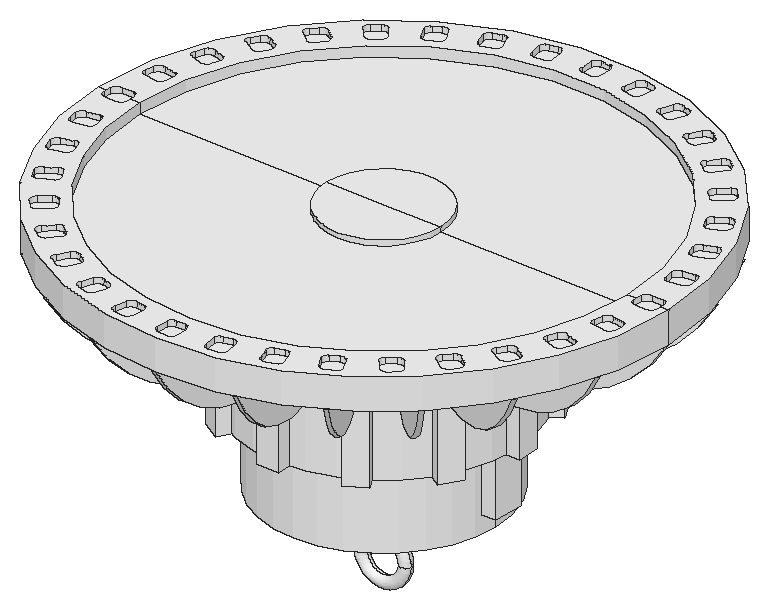
Revit family "CRB", category Lighting Fixtures, host Face, Revit 2014 (continued)
Definition of nested family "MV"
  Parameters (values of type "Family1")
    built-in parameter 1150106 = 1.0982 (stored number, unit not read)
    Housing Material = Paint - Hubbell - White
    built-in parameter 1150104 = 13.8 (stored number, unit not read)
    Dimming Lamp Color Temperature Shift = (empty or 0)
    Color Filter = 16777215
    built-in parameter 1114218 = 1 (stored number, unit not read)
    built-in parameter 1150133 = 10 (stored number, unit not read)
  Reference planes (in)
    plane 1 "Center (Front/Back)": y = 0
    plane 2: z = 0
    plane 3 "Center (Left/Right)": x = 0
  Forms (in)
    Revolve 1, solid, material "Paint - Hubbell - White" <- "Housing Material"
      sketch origin (-0.0111, -8.59976, 1.01301) x (1, 0, 0) y (0, 1, 0)
        loop
          circle (0.54012, 8.62124) r 0.1406
        axis (0, 8.62124) -> (0, 8.58187)
      angle from 0 to 360
    Revolve 2, solid, material "Paint - Hubbell - White" <- "Housing Material"
      sketch origin (-0.0111, 0.02148, 0) x (1, 0, 0) y (0, 0, 1)
        loop
          line (0, 7.79) -> (7, 7.79) -> (7, 8.54) -> (6, 8.54) -> (6, 8.29) -> (1.40117, 8.29) -> (1.40117, 8.41275) -> (0, 8.41275) -> (0, 8.29) -> (0, 7.79)
        axis (0, 8.54) -> (0, 7.79)
      angle from 0 to 360
    Extrusion 3, solid, material "Paint - Hubbell - White" <- "Housing Material"
      sketch origin (-0.0111, -8.59976, 0) x (0, 1, 0) y (0, 0, 1)
        loop
          line (5.49624, 7.29) -> (5.4141, 7.29)
          arc (5.4141, 7.29) -> (3.9671, 7.41595) -> (2.56362, 7.79) r 8.37521
          line (2.56362, 7.79) -> (1.62124, 7.79)
          arc (1.62124, 7.79) -> (3.272, 6.27813) -> (5.49624, 6.0261) r 3.61991
          line (5.49624, 6.0261) -> (5.49624, 7.29)
      from -0.1 to 0
    Extrusion 4, solid, material "Paint - Hubbell - White" <- "Housing Material"
      sketch origin (2.22024, -8.306, 0) x (-0.258819, 0.965926, 0) y (0, 0, 1)
        loop
          line (5.49624, 7.29) -> (5.4141, 7.29)
          arc (5.4141, 7.29) -> (3.9671, 7.41595) -> (2.56362, 7.79) r 8.37521
          line (2.56362, 7.79) -> (1.62124, 7.79)
          arc (1.62124, 7.79) -> (3.272, 6.27813) -> (5.49624, 6.0261) r 3.61991
          line (5.49624, 6.0261) -> (5.49624, 7.29)
      from -0.1 to 0
    Extrusion 5, solid, material "Paint - Hubbell - White" <- "Housing Material"
      sketch origin (4.29952, -7.44473, 0) x (-0.5, 0.866025, 0) y (0, 0, 1)
        loop
          line (5.49624, 7.29) -> (5.4141, 7.29)
          arc (5.4141, 7.29) -> (3.9671, 7.41595) -> (2.56362, 7.79) r 8.37521
          line (2.56362, 7.79) -> (1.62124, 7.79)
          arc (1.62124, 7.79) -> (3.272, 6.27813) -> (5.49624, 6.0261) r 3.61991
          line (5.49624, 6.0261) -> (5.49624, 7.29)
      from -0.1 to 0
    Extrusion 6, solid, material "Paint - Hubbell - White" <- "Housing Material"
      sketch origin (6.08504, -6.07466, 0) x (-0.707107, 0.707107, 0) y (0, 0, 1)
        loop
          line (5.49624, 7.29) -> (5.4141, 7.29)
          arc (5.4141, 7.29) -> (3.9671, 7.41595) -> (2.56362, 7.79) r 8.37521
          line (2.56362, 7.79) -> (1.62124, 7.79)
          arc (1.62124, 7.79) -> (3.272, 6.27813) -> (5.49624, 6.0261) r 3.61991
          line (5.49624, 6.0261) -> (5.49624, 7.29)
      from -0.1 to 0
    Extrusion 7, solid, material "Paint - Hubbell - White" <- "Housing Material"
      sketch origin (6.08504, -6.07466, 0) x (-0.707107, 0.707107, 0) y (0, 0, 1)
        loop
          line (5.49624, 7.29) -> (5.4141, 7.29)
          arc (5.4141, 7.29) -> (3.9671, 7.41595) -> (2.56362, 7.79) r 8.37521
          line (2.56362, 7.79) -> (1.62124, 7.79)
          arc (1.62124, 7.79) -> (3.272, 6.27813) -> (5.49624, 6.0261) r 3.61991
          line (5.49624, 6.0261) -> (5.49624, 7.29)
      from -0.1 to 0
    Extrusion 8, solid, material "Paint - Hubbell - White" <- "Housing Material"
      sketch origin (7.45511, -4.28914, 0) x (-0.866025, 0.5, 0) y (0, 0, 1)
        loop
          line (5.49624, 7.29) -> (5.4141, 7.29)
          arc (5.4141, 7.29) -> (3.9671, 7.41595) -> (2.56362, 7.79) r 8.37521
          line (2.56362, 7.79) -> (1.62124, 7.79)
          arc (1.62124, 7.79) -> (3.272, 6.27813) -> (5.49624, 6.0261) r 3.61991
          line (5.49624, 6.0261) -> (5.49624, 7.29)
      from -0.1 to 0
    Extrusion 9, solid, material "Paint - Hubbell - White" <- "Housing Material"
      sketch origin (8.31638, -2.20986, 0) x (-0.965926, 0.258819, 0) y (0, 0, 1)
        loop
          line (5.49624, 7.29) -> (5.4141, 7.29)
          arc (5.4141, 7.29) -> (3.9671, 7.41595) -> (2.56362, 7.79) r 8.37521
          line (2.56362, 7.79) -> (1.62124, 7.79)
          arc (1.62124, 7.79) -> (3.272, 6.27813) -> (5.49624, 6.0261) r 3.61991
          line (5.49624, 6.0261) -> (5.49624, 7.29)
      from -0.1 to 0
    Extrusion 10, solid, material "Paint - Hubbell - White" <- "Housing Material"
      sketch origin (8.61014, 0.02148, 0) x (-1, 0, 0) y (0, 0, 1)
        loop
          line (5.49624, 7.29) -> (5.4141, 7.29)
          arc (5.4141, 7.29) -> (3.9671, 7.41595) -> (2.56362, 7.79) r 8.37521
          line (2.56362, 7.79) -> (1.62124, 7.79)
          arc (1.62124, 7.79) -> (3.272, 6.27813) -> (5.49624, 6.0261) r 3.61991
          line (5.49624, 6.0261) -> (5.49624, 7.29)
      from -0.1 to 0
    Extrusion 11, solid, material "Paint - Hubbell - White" <- "Housing Material"
      sketch origin (8.61014, 0.02148, 0) x (-1, 0, 0) y (0, 0, 1)
        loop
          line (5.49624, 7.29) -> (5.4141, 7.29)
          arc (5.4141, 7.29) -> (3.9671, 7.41595) -> (2.56362, 7.79) r 8.37521
          line (2.56362, 7.79) -> (1.62124, 7.79)
          arc (1.62124, 7.79) -> (3.272, 6.27813) -> (5.49624, 6.0261) r 3.61991
          line (5.49624, 6.0261) -> (5.49624, 7.29)
      from -0.1 to 0
    Extrusion 12, solid, material "Paint - Hubbell - White" <- "Housing Material"
      sketch origin (8.31638, 2.25282, 0) x (-0.965926, -0.258819, 0) y (0, 0, 1)
        loop
          line (5.49624, 7.29) -> (5.4141, 7.29)
          arc (5.4141, 7.29) -> (3.9671, 7.41595) -> (2.56362, 7.79) r 8.37521
          line (2.56362, 7.79) -> (1.62124, 7.79)
          arc (1.62124, 7.79) -> (3.272, 6.27813) -> (5.49624, 6.0261) r 3.61991
          line (5.49624, 6.0261) -> (5.49624, 7.29)
      from -0.1 to 0
    Extrusion 13, solid, material "Paint - Hubbell - White" <- "Housing Material"
      sketch origin (7.45511, 4.3321, 0) x (-0.866025, -0.5, 0) y (0, 0, 1)
        loop
          line (5.49624, 7.29) -> (5.4141, 7.29)
          arc (5.4141, 7.29) -> (3.9671, 7.41595) -> (2.56362, 7.79) r 8.37521
          line (2.56362, 7.79) -> (1.62124, 7.79)
          arc (1.62124, 7.79) -> (3.272, 6.27813) -> (5.49624, 6.0261) r 3.61991
          line (5.49624, 6.0261) -> (5.49624, 7.29)
      from -0.1 to 0
    Extrusion 14, solid, material "Paint - Hubbell - White" <- "Housing Material"
      sketch origin (6.08504, 6.11761, 0) x (-0.707107, -0.707107, 0) y (0, 0, 1)
        loop
          line (5.49624, 7.29) -> (5.4141, 7.29)
          arc (5.4141, 7.29) -> (3.9671, 7.41595) -> (2.56362, 7.79) r 8.37521
          line (2.56362, 7.79) -> (1.62124, 7.79)
          arc (1.62124, 7.79) -> (3.272, 6.27813) -> (5.49624, 6.0261) r 3.61991
          line (5.49624, 6.0261) -> (5.49624, 7.29)
      from -0.1 to 0
    Extrusion 15, solid, material "Paint - Hubbell - White" <- "Housing Material"
      sketch origin (6.08504, 6.11761, 0) x (-0.707107, -0.707107, 0) y (0, 0, 1)
        loop
          line (5.49624, 7.29) -> (5.4141, 7.29)
          arc (5.4141, 7.29) -> (3.9671, 7.41595) -> (2.56362, 7.79) r 8.37521
          line (2.56362, 7.79) -> (1.62124, 7.79)
          arc (1.62124, 7.79) -> (3.272, 6.27813) -> (5.49624, 6.0261) r 3.61991
          line (5.49624, 6.0261) -> (5.49624, 7.29)
      from -0.1 to 0
    Extrusion 16, solid, material "Paint - Hubbell - White" <- "Housing Material"
      sketch origin (4.29952, 7.48769, 0) x (-0.5, -0.866025, 0) y (0, 0, 1)
        loop
          line (5.49624, 7.29) -> (5.4141, 7.29)
          arc (5.4141, 7.29) -> (3.9671, 7.41595) -> (2.56362, 7.79) r 8.37521
          line (2.56362, 7.79) -> (1.62124, 7.79)
          arc (1.62124, 7.79) -> (3.272, 6.27813) -> (5.49624, 6.0261) r 3.61991
          line (5.49624, 6.0261) -> (5.49624, 7.29)
      from -0.1 to 0
    Extrusion 17, solid, material "Paint - Hubbell - White" <- "Housing Material"
      sketch origin (2.22024, 8.34895, 0) x (-0.258819, -0.965926, 0) y (0, 0, 1)
        loop
          line (5.49624, 7.29) -> (5.4141, 7.29)
          arc (5.4141, 7.29) -> (3.9671, 7.41595) -> (2.56362, 7.79) r 8.37521
          line (2.56362, 7.79) -> (1.62124, 7.79)
          arc (1.62124, 7.79) -> (3.272, 6.27813) -> (5.49624, 6.0261) r 3.61991
          line (5.49624, 6.0261) -> (5.49624, 7.29)
      from -0.1 to 0
    Extrusion 18, solid, material "Paint - Hubbell - White" <- "Housing Material"
      sketch origin (-0.0111, 8.64272, 0) x (0, -1, 0) y (0, 0, 1)
        loop
          line (5.49624, 7.29) -> (5.4141, 7.29)
          arc (5.4141, 7.29) -> (3.9671, 7.41595) -> (2.56362, 7.79) r 8.37521
          line (2.56362, 7.79) -> (1.62124, 7.79)
          arc (1.62124, 7.79) -> (3.272, 6.27813) -> (5.49624, 6.0261) r 3.61991
          line (5.49624, 6.0261) -> (5.49624, 7.29)
      from -0.1 to 0
    Extrusion 19, solid, material "Paint - Hubbell - White" <- "Housing Material"
      sketch origin (-2.24244, -8.306, 0) x (0.258819, 0.965926, 0) y (0, 0, -1)
        loop
          line (5.49624, -7.29) -> (5.49624, -6.0261)
          arc (5.49624, -6.0261) -> (3.272, -6.27813) -> (1.62124, -7.79) r 3.61991
          line (1.62124, -7.79) -> (2.56362, -7.79)
          arc (2.56362, -7.79) -> (3.9671, -7.41595) -> (5.4141, -7.29) r 8.37521
          line (5.4141, -7.29) -> (5.49624, -7.29)
      from -0.1 to 0
    Extrusion 20, solid, material "Paint - Hubbell - White" <- "Housing Material"
      sketch origin (-4.32172, -7.44473, 0) x (0.5, 0.866025, 0) y (0, 0, -1)
        loop
          line (5.49624, -7.29) -> (5.49624, -6.0261)
          arc (5.49624, -6.0261) -> (3.272, -6.27813) -> (1.62124, -7.79) r 3.61991
          line (1.62124, -7.79) -> (2.56362, -7.79)
          arc (2.56362, -7.79) -> (3.9671, -7.41595) -> (5.4141, -7.29) r 8.37521
          line (5.4141, -7.29) -> (5.49624, -7.29)
      from -0.1 to 0
    Extrusion 21, solid, material "Paint - Hubbell - White" <- "Housing Material"
      sketch origin (-6.10723, -6.07466, 0) x (0.707107, 0.707107, 0) y (0, 0, -1)
        loop
          line (5.49624, -7.29) -> (5.49624, -6.0261)
          arc (5.49624, -6.0261) -> (3.272, -6.27813) -> (1.62124, -7.79) r 3.61991
          line (1.62124, -7.79) -> (2.56362, -7.79)
          arc (2.56362, -7.79) -> (3.9671, -7.41595) -> (5.4141, -7.29) r 8.37521
          line (5.4141, -7.29) -> (5.49624, -7.29)
      from -0.1 to 0
    Extrusion 22, solid, material "Paint - Hubbell - White" <- "Housing Material"
      sketch origin (-6.10723, -6.07466, 0) x (0.707107, 0.707107, 0) y (0, 0, -1)
        loop
          line (5.49624, -7.29) -> (5.49624, -6.0261)
          arc (5.49624, -6.0261) -> (3.272, -6.27813) -> (1.62124, -7.79) r 3.61991
          line (1.62124, -7.79) -> (2.56362, -7.79)
          arc (2.56362, -7.79) -> (3.9671, -7.41595) -> (5.4141, -7.29) r 8.37521
          line (5.4141, -7.29) -> (5.49624, -7.29)
      from -0.1 to 0
    Extrusion 23, solid, material "Paint - Hubbell - White" <- "Housing Material"
      sketch origin (-7.47731, -4.28914, 0) x (0.866025, 0.5, 0) y (0, 0, -1)
        loop
          line (5.49624, -7.29) -> (5.49624, -6.0261)
          arc (5.49624, -6.0261) -> (3.272, -6.27813) -> (1.62124, -7.79) r 3.61991
          line (1.62124, -7.79) -> (2.56362, -7.79)
          arc (2.56362, -7.79) -> (3.9671, -7.41595) -> (5.4141, -7.29) r 8.37521
          line (5.4141, -7.29) -> (5.49624, -7.29)
      from -0.1 to 0
    Extrusion 24, solid, material "Paint - Hubbell - White" <- "Housing Material"
      sketch origin (-8.33857, -2.20986, 0) x (0.965926, 0.258819, 0) y (0, 0, -1)
        loop
          line (5.49624, -7.29) -> (5.49624, -6.0261)
          arc (5.49624, -6.0261) -> (3.272, -6.27813) -> (1.62124, -7.79) r 3.61991
          line (1.62124, -7.79) -> (2.56362, -7.79)
          arc (2.56362, -7.79) -> (3.9671, -7.41595) -> (5.4141, -7.29) r 8.37521
          line (5.4141, -7.29) -> (5.49624, -7.29)
      from -0.1 to 0
    Extrusion 25, solid, material "Paint - Hubbell - White" <- "Housing Material"
      sketch origin (-8.63233, 0.02148, 0) x (1, 0, 0) y (0, 0, -1)
        loop
          line (5.49624, -7.29) -> (5.49624, -6.0261)
          arc (5.49624, -6.0261) -> (3.272, -6.27813) -> (1.62124, -7.79) r 3.61991
          line (1.62124, -7.79) -> (2.56362, -7.79)
          arc (2.56362, -7.79) -> (3.9671, -7.41595) -> (5.4141, -7.29) r 8.37521
          line (5.4141, -7.29) -> (5.49624, -7.29)
      from -0.1 to 0
    Extrusion 26, solid, material "Paint - Hubbell - White" <- "Housing Material"
      sketch origin (-8.63233, 0.02148, 0) x (1, 0, 0) y (0, 0, -1)
        loop
          line (5.49624, -7.29) -> (5.49624, -6.0261)
          arc (5.49624, -6.0261) -> (3.272, -6.27813) -> (1.62124, -7.79) r 3.61991
          line (1.62124, -7.79) -> (2.56362, -7.79)
          arc (2.56362, -7.79) -> (3.9671, -7.41595) -> (5.4141, -7.29) r 8.37521
          line (5.4141, -7.29) -> (5.49624, -7.29)
      from -0.1 to 0
    Extrusion 27, solid, material "Paint - Hubbell - White" <- "Housing Material"
      sketch origin (-8.33857, 2.25282, 0) x (0.965926, -0.258819, 0) y (0, 0, -1)
        loop
          line (5.49624, -7.29) -> (5.49624, -6.0261)
          arc (5.49624, -6.0261) -> (3.272, -6.27813) -> (1.62124, -7.79) r 3.61991
          line (1.62124, -7.79) -> (2.56362, -7.79)
          arc (2.56362, -7.79) -> (3.9671, -7.41595) -> (5.4141, -7.29) r 8.37521
          line (5.4141, -7.29) -> (5.49624, -7.29)
      from -0.1 to 0
    Extrusion 28, solid, material "Paint - Hubbell - White" <- "Housing Material"
      sketch origin (-7.47731, 4.3321, 0) x (0.866025, -0.5, 0) y (0, 0, -1)
        loop
          line (5.49624, -7.29) -> (5.49624, -6.0261)
          arc (5.49624, -6.0261) -> (3.272, -6.27813) -> (1.62124, -7.79) r 3.61991
          line (1.62124, -7.79) -> (2.56362, -7.79)
          arc (2.56362, -7.79) -> (3.9671, -7.41595) -> (5.4141, -7.29) r 8.37521
          line (5.4141, -7.29) -> (5.49624, -7.29)
      from -0.1 to 0
    Extrusion 29, solid, material "Paint - Hubbell - White" <- "Housing Material"
      sketch origin (-6.10723, 6.11761, 0) x (0.707107, -0.707107, 0) y (0, 0, -1)
        loop
          line (5.49624, -7.29) -> (5.49624, -6.0261)
          arc (5.49624, -6.0261) -> (3.272, -6.27813) -> (1.62124, -7.79) r 3.61991
          line (1.62124, -7.79) -> (2.56362, -7.79)
          arc (2.56362, -7.79) -> (3.9671, -7.41595) -> (5.4141, -7.29) r 8.37521
          line (5.4141, -7.29) -> (5.49624, -7.29)
      from -0.1 to 0
    Extrusion 30, solid, material "Paint - Hubbell - White" <- "Housing Material"
      sketch origin (-6.10723, 6.11761, 0) x (0.707107, -0.707107, 0) y (0, 0, -1)
        loop
          line (5.49624, -7.29) -> (5.49624, -6.0261)
          arc (5.49624, -6.0261) -> (3.272, -6.27813) -> (1.62124, -7.79) r 3.61991
          line (1.62124, -7.79) -> (2.56362, -7.79)
          arc (2.56362, -7.79) -> (3.9671, -7.41595) -> (5.4141, -7.29) r 8.37521
          line (5.4141, -7.29) -> (5.49624, -7.29)
      from -0.1 to 0
    Extrusion 31, solid, material "Paint - Hubbell - White" <- "Housing Material"
      sketch origin (-4.32172, 7.48769, 0) x (0.5, -0.866025, 0) y (0, 0, -1)
        loop
          line (5.49624, -7.29) -> (5.49624, -6.0261)
          arc (5.49624, -6.0261) -> (3.272, -6.27813) -> (1.62124, -7.79) r 3.61991
          line (1.62124, -7.79) -> (2.56362, -7.79)
          arc (2.56362, -7.79) -> (3.9671, -7.41595) -> (5.4141, -7.29) r 8.37521
          line (5.4141, -7.29) -> (5.49624, -7.29)
      from -0.1 to 0
    Extrusion 32, solid, material "Paint - Hubbell - White" <- "Housing Material"
      sketch origin (-2.24244, 8.34895, 0) x (0.258819, -0.965926, 0) y (0, 0, -1)
        loop
          line (5.49624, -7.29) -> (5.49624, -6.0261)
          arc (5.49624, -6.0261) -> (3.272, -6.27813) -> (1.62124, -7.79) r 3.61991
          line (1.62124, -7.79) -> (2.56362, -7.79)
          arc (2.56362, -7.79) -> (3.9671, -7.41595) -> (5.4141, -7.29) r 8.37521
          line (5.4141, -7.29) -> (5.49624, -7.29)
      from -0.1 to 0
    Revolve 33, solid, material "Paint - Hubbell - White" <- "Housing Material"
      sketch origin (-0.0111, 0.02148, 0) x (1, 0, 0) y (0, 0, 1)
        loop
          line (0, 1.40585) -> (0.31937, 1.40585) -> (0.5, 1.71871) -> (0.5, 2.54209) -> (2.75, 2.54209) -> (2.75, 4.16254) -> (3.25, 4.16254) -> (3.25, 7.75) -> (0, 7.75) -> (0, 1.40585)
        axis (0, 7.75) -> (0, 1.40585)
      angle from 0 to 360
    Extrusion 34, void
      sketch origin (-0.0111, -8.59976, 0) x (1, 0, 0) y (0, 1, 0)
        loop
          arc (-0.12065, 2.39636) -> (-0.21391, 2.35773) -> (-0.25254, 2.26447) r 0.13189
          line (-0.25254, 2.26447) -> (-0.25254, 1.97534)
          arc (-0.25254, 1.97534) -> (-0.20608, 1.86318) -> (-0.09392, 1.81672) r 0.15862
          line (-0.09392, 1.81672) -> (0.10853, 1.81672)
          arc (0.10853, 1.81672) -> (0.20677, 1.85741) -> (0.24746, 1.95565) r 0.13893
          line (0.24746, 1.95565) -> (0.24746, 2.24592)
          arc (0.24746, 2.24592) -> (0.20339, 2.3523) -> (0.09701, 2.39636) r 0.15044
          line (0.09701, 2.39636) -> (-0.12065, 2.39636)
      from 8.41275 to 8.54
    Extrusion 35, void
      sketch origin (1.48596, -8.46878, 0) x (0.984808, 0.173648, 0) y (-0.173648, 0.984808, 0)
        loop
          arc (-0.12065, 2.39636) -> (-0.21391, 2.35773) -> (-0.25254, 2.26447) r 0.13189
          line (-0.25254, 2.26447) -> (-0.25254, 1.97534)
          arc (-0.25254, 1.97534) -> (-0.20608, 1.86318) -> (-0.09392, 1.81672) r 0.15862
          line (-0.09392, 1.81672) -> (0.10853, 1.81672)
          arc (0.10853, 1.81672) -> (0.20677, 1.85741) -> (0.24746, 1.95565) r 0.13893
          line (0.24746, 1.95565) -> (0.24746, 2.24592)
          arc (0.24746, 2.24592) -> (0.20339, 2.3523) -> (0.09701, 2.39636) r 0.15044
          line (0.09701, 2.39636) -> (-0.12065, 2.39636)
      from 8.41275 to 8.54
    Extrusion 36, void
      sketch origin (2.93754, -8.07983, 0) x (0.939693, 0.34202, 0) y (-0.34202, 0.939693, 0)
        loop
          arc (-0.12065, 2.39636) -> (-0.21391, 2.35773) -> (-0.25254, 2.26447) r 0.13189
          line (-0.25254, 2.26447) -> (-0.25254, 1.97534)
          arc (-0.25254, 1.97534) -> (-0.20608, 1.86318) -> (-0.09392, 1.81672) r 0.15862
          line (-0.09392, 1.81672) -> (0.10853, 1.81672)
          arc (0.10853, 1.81672) -> (0.20677, 1.85741) -> (0.24746, 1.95565) r 0.13893
          line (0.24746, 1.95565) -> (0.24746, 2.24592)
          arc (0.24746, 2.24592) -> (0.20339, 2.3523) -> (0.09701, 2.39636) r 0.15044
          line (0.09701, 2.39636) -> (-0.12065, 2.39636)
      from 8.41275 to 8.54
    Extrusion 37, void
      sketch origin (4.29952, -7.44473, 0) x (0.866025, 0.5, 0) y (-0.5, 0.866025, 0)
        loop
          arc (-0.12065, 2.39636) -> (-0.21391, 2.35773) -> (-0.25254, 2.26447) r 0.13189
          line (-0.25254, 2.26447) -> (-0.25254, 1.97534)
          arc (-0.25254, 1.97534) -> (-0.20608, 1.86318) -> (-0.09392, 1.81672) r 0.15862
          line (-0.09392, 1.81672) -> (0.10853, 1.81672)
          arc (0.10853, 1.81672) -> (0.20677, 1.85741) -> (0.24746, 1.95565) r 0.13893
          line (0.24746, 1.95565) -> (0.24746, 2.24592)
          arc (0.24746, 2.24592) -> (0.20339, 2.3523) -> (0.09701, 2.39636) r 0.15044
          line (0.09701, 2.39636) -> (-0.12065, 2.39636)
      from 8.41275 to 8.54
    Extrusion 38, void
      sketch origin (5.53053, -6.58277, 0) x (0.766044, 0.642788, 0) y (-0.642788, 0.766044, 0)
        loop
          arc (-0.12065, 2.39636) -> (-0.21391, 2.35773) -> (-0.25254, 2.26447) r 0.13189
          line (-0.25254, 2.26447) -> (-0.25254, 1.97534)
          arc (-0.25254, 1.97534) -> (-0.20608, 1.86318) -> (-0.09392, 1.81672) r 0.15862
          line (-0.09392, 1.81672) -> (0.10853, 1.81672)
          arc (0.10853, 1.81672) -> (0.20677, 1.85741) -> (0.24746, 1.95565) r 0.13893
          line (0.24746, 1.95565) -> (0.24746, 2.24592)
          arc (0.24746, 2.24592) -> (0.20339, 2.3523) -> (0.09701, 2.39636) r 0.15044
          line (0.09701, 2.39636) -> (-0.12065, 2.39636)
      from 8.41275 to 8.54
    Extrusion 39, void
      sketch origin (6.59315, -5.52014, 0) x (0.642788, 0.766044, 0) y (-0.766044, 0.642788, 0)
        loop
          arc (-0.12065, 2.39636) -> (-0.21391, 2.35773) -> (-0.25254, 2.26447) r 0.13189
          line (-0.25254, 2.26447) -> (-0.25254, 1.97534)
          arc (-0.25254, 1.97534) -> (-0.20608, 1.86318) -> (-0.09392, 1.81672) r 0.15862
          line (-0.09392, 1.81672) -> (0.10853, 1.81672)
          arc (0.10853, 1.81672) -> (0.20677, 1.85741) -> (0.24746, 1.95565) r 0.13893
          line (0.24746, 1.95565) -> (0.24746, 2.24592)
          arc (0.24746, 2.24592) -> (0.20339, 2.3523) -> (0.09701, 2.39636) r 0.15044
          line (0.09701, 2.39636) -> (-0.12065, 2.39636)
      from 8.41275 to 8.54
    Extrusion 40, void
      sketch origin (7.45511, -4.28914, 0) x (0.5, 0.866025, 0) y (-0.866025, 0.5, 0)
        loop
          arc (-0.12065, 2.39636) -> (-0.21391, 2.35773) -> (-0.25254, 2.26447) r 0.13189
          line (-0.25254, 2.26447) -> (-0.25254, 1.97534)
          arc (-0.25254, 1.97534) -> (-0.20608, 1.86318) -> (-0.09392, 1.81672) r 0.15862
          line (-0.09392, 1.81672) -> (0.10853, 1.81672)
          arc (0.10853, 1.81672) -> (0.20677, 1.85741) -> (0.24746, 1.95565) r 0.13893
          line (0.24746, 1.95565) -> (0.24746, 2.24592)
          arc (0.24746, 2.24592) -> (0.20339, 2.3523) -> (0.09701, 2.39636) r 0.15044
          line (0.09701, 2.39636) -> (-0.12065, 2.39636)
      from 8.41275 to 8.54
    Extrusion 41, void
      sketch origin (8.09021, -2.92716, 0) x (0.34202, 0.939693, 0) y (-0.939693, 0.34202, 0)
        loop
          arc (-0.12065, 2.39636) -> (-0.21391, 2.35773) -> (-0.25254, 2.26447) r 0.13189
          line (-0.25254, 2.26447) -> (-0.25254, 1.97534)
          arc (-0.25254, 1.97534) -> (-0.20608, 1.86318) -> (-0.09392, 1.81672) r 0.15862
          line (-0.09392, 1.81672) -> (0.10853, 1.81672)
          arc (0.10853, 1.81672) -> (0.20677, 1.85741) -> (0.24746, 1.95565) r 0.13893
          line (0.24746, 1.95565) -> (0.24746, 2.24592)
          arc (0.24746, 2.24592) -> (0.20339, 2.3523) -> (0.09701, 2.39636) r 0.15044
          line (0.09701, 2.39636) -> (-0.12065, 2.39636)
      from 8.41275 to 8.54
    Extrusion 42, void
      sketch origin (7.45511, -4.28914, 0) x (0.5, 0.866025, 0) y (-0.866025, 0.5, 0)
        loop
          arc (-0.12065, 2.39636) -> (-0.21391, 2.35773) -> (-0.25254, 2.26447) r 0.13189
          line (-0.25254, 2.26447) -> (-0.25254, 1.97534)
          arc (-0.25254, 1.97534) -> (-0.20608, 1.86318) -> (-0.09392, 1.81672) r 0.15862
          line (-0.09392, 1.81672) -> (0.10853, 1.81672)
          arc (0.10853, 1.81672) -> (0.20677, 1.85741) -> (0.24746, 1.95565) r 0.13893
          line (0.24746, 1.95565) -> (0.24746, 2.24592)
          arc (0.24746, 2.24592) -> (0.20339, 2.3523) -> (0.09701, 2.39636) r 0.15044
          line (0.09701, 2.39636) -> (-0.12065, 2.39636)
      from 8.41275 to 8.54
    Extrusion 43, void
      sketch origin (8.09021, -2.92716, 0) x (0.34202, 0.939693, 0) y (-0.939693, 0.34202, 0)
        loop
          arc (-0.12065, 2.39636) -> (-0.21391, 2.35773) -> (-0.25254, 2.26447) r 0.13189
          line (-0.25254, 2.26447) -> (-0.25254, 1.97534)
          arc (-0.25254, 1.97534) -> (-0.20608, 1.86318) -> (-0.09392, 1.81672) r 0.15862
          line (-0.09392, 1.81672) -> (0.10853, 1.81672)
          arc (0.10853, 1.81672) -> (0.20677, 1.85741) -> (0.24746, 1.95565) r 0.13893
          line (0.24746, 1.95565) -> (0.24746, 2.24592)
          arc (0.24746, 2.24592) -> (0.20339, 2.3523) -> (0.09701, 2.39636) r 0.15044
          line (0.09701, 2.39636) -> (-0.12065, 2.39636)
      from 8.41275 to 8.54
    Extrusion 44, void
      sketch origin (8.47916, -1.47558, 0) x (0.173648, 0.984808, 0) y (-0.984808, 0.173648, 0)
        loop
          arc (-0.12065, 2.39636) -> (-0.21391, 2.35773) -> (-0.25254, 2.26447) r 0.13189
          line (-0.25254, 2.26447) -> (-0.25254, 1.97534)
          arc (-0.25254, 1.97534) -> (-0.20608, 1.86318) -> (-0.09392, 1.81672) r 0.15862
          line (-0.09392, 1.81672) -> (0.10853, 1.81672)
          arc (0.10853, 1.81672) -> (0.20677, 1.85741) -> (0.24746, 1.95565) r 0.13893
          line (0.24746, 1.95565) -> (0.24746, 2.24592)
          arc (0.24746, 2.24592) -> (0.20339, 2.3523) -> (0.09701, 2.39636) r 0.15044
          line (0.09701, 2.39636) -> (-0.12065, 2.39636)
      from 8.41275 to 8.54
    Extrusion 45, void
      sketch origin (8.61014, 0.02148, 0) x (0, 1, 0) y (-1, 0, 0)
        loop
          arc (-0.12065, 2.39636) -> (-0.21391, 2.35773) -> (-0.25254, 2.26447) r 0.13189
          line (-0.25254, 2.26447) -> (-0.25254, 1.97534)
          arc (-0.25254, 1.97534) -> (-0.20608, 1.86318) -> (-0.09392, 1.81672) r 0.15862
          line (-0.09392, 1.81672) -> (0.10853, 1.81672)
          arc (0.10853, 1.81672) -> (0.20677, 1.85741) -> (0.24746, 1.95565) r 0.13893
          line (0.24746, 1.95565) -> (0.24746, 2.24592)
          arc (0.24746, 2.24592) -> (0.20339, 2.3523) -> (0.09701, 2.39636) r 0.15044
          line (0.09701, 2.39636) -> (-0.12065, 2.39636)
      from 8.41275 to 8.54
    Extrusion 46, void
      sketch origin (8.47916, 1.51854, 0) x (-0.173648, 0.984808, 0) y (-0.984808, -0.173648, 0)
        loop
          arc (-0.12065, 2.39636) -> (-0.21391, 2.35773) -> (-0.25254, 2.26447) r 0.13189
          line (-0.25254, 2.26447) -> (-0.25254, 1.97534)
          arc (-0.25254, 1.97534) -> (-0.20608, 1.86318) -> (-0.09392, 1.81672) r 0.15862
          line (-0.09392, 1.81672) -> (0.10853, 1.81672)
          arc (0.10853, 1.81672) -> (0.20677, 1.85741) -> (0.24746, 1.95565) r 0.13893
          line (0.24746, 1.95565) -> (0.24746, 2.24592)
          arc (0.24746, 2.24592) -> (0.20339, 2.3523) -> (0.09701, 2.39636) r 0.15044
          line (0.09701, 2.39636) -> (-0.12065, 2.39636)
      from 8.41275 to 8.54
    Extrusion 47, void
      sketch origin (8.09021, 2.97012, 0) x (-0.34202, 0.939693, 0) y (-0.939693, -0.34202, 0)
        loop
          arc (-0.12065, 2.39636) -> (-0.21391, 2.35773) -> (-0.25254, 2.26447) r 0.13189
          line (-0.25254, 2.26447) -> (-0.25254, 1.97534)
          arc (-0.25254, 1.97534) -> (-0.20608, 1.86318) -> (-0.09392, 1.81672) r 0.15862
          line (-0.09392, 1.81672) -> (0.10853, 1.81672)
          arc (0.10853, 1.81672) -> (0.20677, 1.85741) -> (0.24746, 1.95565) r 0.13893
          line (0.24746, 1.95565) -> (0.24746, 2.24592)
          arc (0.24746, 2.24592) -> (0.20339, 2.3523) -> (0.09701, 2.39636) r 0.15044
          line (0.09701, 2.39636) -> (-0.12065, 2.39636)
      from 8.41275 to 8.54
    Extrusion 48, void
      sketch origin (7.45511, 4.3321, 0) x (-0.5, 0.866025, 0) y (-0.866025, -0.5, 0)
        loop
          arc (-0.12065, 2.39636) -> (-0.21391, 2.35773) -> (-0.25254, 2.26447) r 0.13189
          line (-0.25254, 2.26447) -> (-0.25254, 1.97534)
          arc (-0.25254, 1.97534) -> (-0.20608, 1.86318) -> (-0.09392, 1.81672) r 0.15862
          line (-0.09392, 1.81672) -> (0.10853, 1.81672)
          arc (0.10853, 1.81672) -> (0.20677, 1.85741) -> (0.24746, 1.95565) r 0.13893
          line (0.24746, 1.95565) -> (0.24746, 2.24592)
          arc (0.24746, 2.24592) -> (0.20339, 2.3523) -> (0.09701, 2.39636) r 0.15044
          line (0.09701, 2.39636) -> (-0.12065, 2.39636)
      from 8.41275 to 8.54
    Extrusion 49, void
      sketch origin (6.59315, 5.5631, 0) x (-0.642788, 0.766044, 0) y (-0.766044, -0.642788, 0)
        loop
          arc (-0.12065, 2.39636) -> (-0.21391, 2.35773) -> (-0.25254, 2.26447) r 0.13189
          line (-0.25254, 2.26447) -> (-0.25254, 1.97534)
          arc (-0.25254, 1.97534) -> (-0.20608, 1.86318) -> (-0.09392, 1.81672) r 0.15862
          line (-0.09392, 1.81672) -> (0.10853, 1.81672)
          arc (0.10853, 1.81672) -> (0.20677, 1.85741) -> (0.24746, 1.95565) r 0.13893
          line (0.24746, 1.95565) -> (0.24746, 2.24592)
          arc (0.24746, 2.24592) -> (0.20339, 2.3523) -> (0.09701, 2.39636) r 0.15044
          line (0.09701, 2.39636) -> (-0.12065, 2.39636)
      from 8.41275 to 8.54
    Extrusion 50, void
      sketch origin (-0.0111, 8.64272, 0) x (-1, 0, 0) y (0, -1, 0)
        loop
          arc (-0.12065, 2.39636) -> (-0.21391, 2.35773) -> (-0.25254, 2.26447) r 0.13189
          line (-0.25254, 2.26447) -> (-0.25254, 1.97534)
          arc (-0.25254, 1.97534) -> (-0.20608, 1.86318) -> (-0.09392, 1.81672) r 0.15862
          line (-0.09392, 1.81672) -> (0.10853, 1.81672)
          arc (0.10853, 1.81672) -> (0.20677, 1.85741) -> (0.24746, 1.95565) r 0.13893
          line (0.24746, 1.95565) -> (0.24746, 2.24592)
          arc (0.24746, 2.24592) -> (0.20339, 2.3523) -> (0.09701, 2.39636) r 0.15044
          line (0.09701, 2.39636) -> (-0.12065, 2.39636)
      from 8.41275 to 8.54
    Extrusion 51, void
      sketch origin (-1.50816, 8.51174, 0) x (-0.984808, -0.173648, 0) y (0.173648, -0.984808, 0)
        loop
          arc (-0.12065, 2.39636) -> (-0.21391, 2.35773) -> (-0.25254, 2.26447) r 0.13189
          line (-0.25254, 2.26447) -> (-0.25254, 1.97534)
          arc (-0.25254, 1.97534) -> (-0.20608, 1.86318) -> (-0.09392, 1.81672) r 0.15862
          line (-0.09392, 1.81672) -> (0.10853, 1.81672)
          arc (0.10853, 1.81672) -> (0.20677, 1.85741) -> (0.24746, 1.95565) r 0.13893
          line (0.24746, 1.95565) -> (0.24746, 2.24592)
          arc (0.24746, 2.24592) -> (0.20339, 2.3523) -> (0.09701, 2.39636) r 0.15044
          line (0.09701, 2.39636) -> (-0.12065, 2.39636)
      from 8.41275 to 8.54
    Extrusion 52, void
      sketch origin (-2.95973, 8.12279, 0) x (-0.939693, -0.34202, 0) y (0.34202, -0.939693, 0)
        loop
          arc (-0.12065, 2.39636) -> (-0.21391, 2.35773) -> (-0.25254, 2.26447) r 0.13189
          line (-0.25254, 2.26447) -> (-0.25254, 1.97534)
          arc (-0.25254, 1.97534) -> (-0.20608, 1.86318) -> (-0.09392, 1.81672) r 0.15862
          line (-0.09392, 1.81672) -> (0.10853, 1.81672)
          arc (0.10853, 1.81672) -> (0.20677, 1.85741) -> (0.24746, 1.95565) r 0.13893
          line (0.24746, 1.95565) -> (0.24746, 2.24592)
          arc (0.24746, 2.24592) -> (0.20339, 2.3523) -> (0.09701, 2.39636) r 0.15044
          line (0.09701, 2.39636) -> (-0.12065, 2.39636)
      from 8.41275 to 8.54
    Extrusion 53, void
      sketch origin (-4.32172, 7.48769, 0) x (-0.866025, -0.5, 0) y (0.5, -0.866025, 0)
        loop
          arc (-0.12065, 2.39636) -> (-0.21391, 2.35773) -> (-0.25254, 2.26447) r 0.13189
          line (-0.25254, 2.26447) -> (-0.25254, 1.97534)
          arc (-0.25254, 1.97534) -> (-0.20608, 1.86318) -> (-0.09392, 1.81672) r 0.15862
          line (-0.09392, 1.81672) -> (0.10853, 1.81672)
          arc (0.10853, 1.81672) -> (0.20677, 1.85741) -> (0.24746, 1.95565) r 0.13893
          line (0.24746, 1.95565) -> (0.24746, 2.24592)
          arc (0.24746, 2.24592) -> (0.20339, 2.3523) -> (0.09701, 2.39636) r 0.15044
          line (0.09701, 2.39636) -> (-0.12065, 2.39636)
      from 8.41275 to 8.54
    Extrusion 54, void
      sketch origin (-5.55272, 6.62573, 0) x (-0.766044, -0.642788, 0) y (0.642788, -0.766044, 0)
        loop
          arc (-0.12065, 2.39636) -> (-0.21391, 2.35773) -> (-0.25254, 2.26447) r 0.13189
          line (-0.25254, 2.26447) -> (-0.25254, 1.97534)
          arc (-0.25254, 1.97534) -> (-0.20608, 1.86318) -> (-0.09392, 1.81672) r 0.15862
          line (-0.09392, 1.81672) -> (0.10853, 1.81672)
          arc (0.10853, 1.81672) -> (0.20677, 1.85741) -> (0.24746, 1.95565) r 0.13893
          line (0.24746, 1.95565) -> (0.24746, 2.24592)
          arc (0.24746, 2.24592) -> (0.20339, 2.3523) -> (0.09701, 2.39636) r 0.15044
          line (0.09701, 2.39636) -> (-0.12065, 2.39636)
      from 8.41275 to 8.54
    Extrusion 55, void
      sketch origin (-6.61535, 5.5631, 0) x (-0.642788, -0.766044, 0) y (0.766044, -0.642788, 0)
        loop
          arc (-0.12065, 2.39636) -> (-0.21391, 2.35773) -> (-0.25254, 2.26447) r 0.13189
          line (-0.25254, 2.26447) -> (-0.25254, 1.97534)
          arc (-0.25254, 1.97534) -> (-0.20608, 1.86318) -> (-0.09392, 1.81672) r 0.15862
          line (-0.09392, 1.81672) -> (0.10853, 1.81672)
          arc (0.10853, 1.81672) -> (0.20677, 1.85741) -> (0.24746, 1.95565) r 0.13893
          line (0.24746, 1.95565) -> (0.24746, 2.24592)
          arc (0.24746, 2.24592) -> (0.20339, 2.3523) -> (0.09701, 2.39636) r 0.15044
          line (0.09701, 2.39636) -> (-0.12065, 2.39636)
      from 8.41275 to 8.54
    Extrusion 56, void
      sketch origin (-7.47731, 4.3321, 0) x (-0.5, -0.866025, 0) y (0.866025, -0.5, 0)
        loop
          arc (-0.12065, 2.39636) -> (-0.21391, 2.35773) -> (-0.25254, 2.26447) r 0.13189
          line (-0.25254, 2.26447) -> (-0.25254, 1.97534)
          arc (-0.25254, 1.97534) -> (-0.20608, 1.86318) -> (-0.09392, 1.81672) r 0.15862
          line (-0.09392, 1.81672) -> (0.10853, 1.81672)
          arc (0.10853, 1.81672) -> (0.20677, 1.85741) -> (0.24746, 1.95565) r 0.13893
          line (0.24746, 1.95565) -> (0.24746, 2.24592)
          arc (0.24746, 2.24592) -> (0.20339, 2.3523) -> (0.09701, 2.39636) r 0.15044
          line (0.09701, 2.39636) -> (-0.12065, 2.39636)
      from 8.41275 to 8.54
    Extrusion 57, void
      sketch origin (-8.11241, 2.97012, 0) x (-0.34202, -0.939693, 0) y (0.939693, -0.34202, 0)
        loop
          arc (-0.12065, 2.39636) -> (-0.21391, 2.35773) -> (-0.25254, 2.26447) r 0.13189
          line (-0.25254, 2.26447) -> (-0.25254, 1.97534)
          arc (-0.25254, 1.97534) -> (-0.20608, 1.86318) -> (-0.09392, 1.81672) r 0.15862
          line (-0.09392, 1.81672) -> (0.10853, 1.81672)
          arc (0.10853, 1.81672) -> (0.20677, 1.85741) -> (0.24746, 1.95565) r 0.13893
          line (0.24746, 1.95565) -> (0.24746, 2.24592)
          arc (0.24746, 2.24592) -> (0.20339, 2.3523) -> (0.09701, 2.39636) r 0.15044
          line (0.09701, 2.39636) -> (-0.12065, 2.39636)
      from 8.41275 to 8.54
    Extrusion 58, void
      sketch origin (-8.50136, 1.51854, 0) x (-0.173648, -0.984808, 0) y (0.984808, -0.173648, 0)
        loop
          arc (-0.12065, 2.39636) -> (-0.21391, 2.35773) -> (-0.25254, 2.26447) r 0.13189
          line (-0.25254, 2.26447) -> (-0.25254, 1.97534)
          arc (-0.25254, 1.97534) -> (-0.20608, 1.86318) -> (-0.09392, 1.81672) r 0.15862
          line (-0.09392, 1.81672) -> (0.10853, 1.81672)
          arc (0.10853, 1.81672) -> (0.20677, 1.85741) -> (0.24746, 1.95565) r 0.13893
          line (0.24746, 1.95565) -> (0.24746, 2.24592)
          arc (0.24746, 2.24592) -> (0.20339, 2.3523) -> (0.09701, 2.39636) r 0.15044
          line (0.09701, 2.39636) -> (-0.12065, 2.39636)
      from 8.41275 to 8.54
    Extrusion 59, void
      sketch origin (-8.63233, 0.02148, 0) x (0, -1, 0) y (1, 0, 0)
        loop
          arc (-0.12065, 2.39636) -> (-0.21391, 2.35773) -> (-0.25254, 2.26447) r 0.13189
          line (-0.25254, 2.26447) -> (-0.25254, 1.97534)
          arc (-0.25254, 1.97534) -> (-0.20608, 1.86318) -> (-0.09392, 1.81672) r 0.15862
          line (-0.09392, 1.81672) -> (0.10853, 1.81672)
          arc (0.10853, 1.81672) -> (0.20677, 1.85741) -> (0.24746, 1.95565) r 0.13893
          line (0.24746, 1.95565) -> (0.24746, 2.24592)
          arc (0.24746, 2.24592) -> (0.20339, 2.3523) -> (0.09701, 2.39636) r 0.15044
          line (0.09701, 2.39636) -> (-0.12065, 2.39636)
      from 8.41275 to 8.54
    Extrusion 60, void
      sketch origin (-8.50136, -1.47558, 0) x (0.173648, -0.984808, 0) y (0.984808, 0.173648, 0)
        loop
          arc (-0.12065, 2.39636) -> (-0.21391, 2.35773) -> (-0.25254, 2.26447) r 0.13189
          line (-0.25254, 2.26447) -> (-0.25254, 1.97534)
          arc (-0.25254, 1.97534) -> (-0.20608, 1.86318) -> (-0.09392, 1.81672) r 0.15862
          line (-0.09392, 1.81672) -> (0.10853, 1.81672)
          arc (0.10853, 1.81672) -> (0.20677, 1.85741) -> (0.24746, 1.95565) r 0.13893
          line (0.24746, 1.95565) -> (0.24746, 2.24592)
          arc (0.24746, 2.24592) -> (0.20339, 2.3523) -> (0.09701, 2.39636) r 0.15044
          line (0.09701, 2.39636) -> (-0.12065, 2.39636)
      from 8.41275 to 8.54
    Extrusion 61, void
      sketch origin (-8.11241, -2.92716, 0) x (0.34202, -0.939693, 0) y (0.939693, 0.34202, 0)
        loop
          arc (-0.12065, 2.39636) -> (-0.21391, 2.35773) -> (-0.25254, 2.26447) r 0.13189
          line (-0.25254, 2.26447) -> (-0.25254, 1.97534)
          arc (-0.25254, 1.97534) -> (-0.20608, 1.86318) -> (-0.09392, 1.81672) r 0.15862
          line (-0.09392, 1.81672) -> (0.10853, 1.81672)
          arc (0.10853, 1.81672) -> (0.20677, 1.85741) -> (0.24746, 1.95565) r 0.13893
          line (0.24746, 1.95565) -> (0.24746, 2.24592)
          arc (0.24746, 2.24592) -> (0.20339, 2.3523) -> (0.09701, 2.39636) r 0.15044
          line (0.09701, 2.39636) -> (-0.12065, 2.39636)
      from 8.41275 to 8.54
    Extrusion 62, void
      sketch origin (-7.47731, -4.28914, 0) x (0.5, -0.866025, 0) y (0.866025, 0.5, 0)
        loop
          arc (-0.12065, 2.39636) -> (-0.21391, 2.35773) -> (-0.25254, 2.26447) r 0.13189
          line (-0.25254, 2.26447) -> (-0.25254, 1.97534)
          arc (-0.25254, 1.97534) -> (-0.20608, 1.86318) -> (-0.09392, 1.81672) r 0.15862
          line (-0.09392, 1.81672) -> (0.10853, 1.81672)
          arc (0.10853, 1.81672) -> (0.20677, 1.85741) -> (0.24746, 1.95565) r 0.13893
          line (0.24746, 1.95565) -> (0.24746, 2.24592)
          arc (0.24746, 2.24592) -> (0.20339, 2.3523) -> (0.09701, 2.39636) r 0.15044
          line (0.09701, 2.39636) -> (-0.12065, 2.39636)
      from 8.41275 to 8.54
    Extrusion 63, void
      sketch origin (-6.61535, -5.52014, 0) x (0.642788, -0.766044, 0) y (0.766044, 0.642788, 0)
        loop
          arc (-0.12065, 2.39636) -> (-0.21391, 2.35773) -> (-0.25254, 2.26447) r 0.13189
          line (-0.25254, 2.26447) -> (-0.25254, 1.97534)
          arc (-0.25254, 1.97534) -> (-0.20608, 1.86318) -> (-0.09392, 1.81672) r 0.15862
          line (-0.09392, 1.81672) -> (0.10853, 1.81672)
          arc (0.10853, 1.81672) -> (0.20677, 1.85741) -> (0.24746, 1.95565) r 0.13893
          line (0.24746, 1.95565) -> (0.24746, 2.24592)
          arc (0.24746, 2.24592) -> (0.20339, 2.3523) -> (0.09701, 2.39636) r 0.15044
          line (0.09701, 2.39636) -> (-0.12065, 2.39636)
      from 8.41275 to 8.54
    Extrusion 64, void
      sketch origin (1.48596, 8.51174, 0) x (0.984808, -0.173648, 0) y (0.173648, 0.984808, 0)
        loop
          line (-0.12065, -2.39636) -> (0.09701, -2.39636)
          arc (0.09701, -2.39636) -> (0.20339, -2.3523) -> (0.24746, -2.24592) r 0.15044
          line (0.24746, -2.24592) -> (0.24746, -1.95565)
          arc (0.24746, -1.95565) -> (0.20677, -1.85741) -> (0.10853, -1.81672) r 0.13893
          line (0.10853, -1.81672) -> (-0.09392, -1.81672)
          arc (-0.09392, -1.81672) -> (-0.20608, -1.86318) -> (-0.25254, -1.97534) r 0.15862
          line (-0.25254, -1.97534) -> (-0.25254, -2.26447)
          arc (-0.25254, -2.26447) -> (-0.21391, -2.35773) -> (-0.12065, -2.39636) r 0.13189
      from 8.41275 to 8.54
    Extrusion 65, void
      sketch origin (2.93754, 8.12279, 0) x (0.939693, -0.34202, 0) y (0.34202, 0.939693, 0)
        loop
          line (-0.12065, -2.39636) -> (0.09701, -2.39636)
          arc (0.09701, -2.39636) -> (0.20339, -2.3523) -> (0.24746, -2.24592) r 0.15044
          line (0.24746, -2.24592) -> (0.24746, -1.95565)
          arc (0.24746, -1.95565) -> (0.20677, -1.85741) -> (0.10853, -1.81672) r 0.13893
          line (0.10853, -1.81672) -> (-0.09392, -1.81672)
          arc (-0.09392, -1.81672) -> (-0.20608, -1.86318) -> (-0.25254, -1.97534) r 0.15862
          line (-0.25254, -1.97534) -> (-0.25254, -2.26447)
          arc (-0.25254, -2.26447) -> (-0.21391, -2.35773) -> (-0.12065, -2.39636) r 0.13189
      from 8.41275 to 8.54
    Extrusion 66, void
      sketch origin (4.29952, 7.48769, 0) x (0.866025, -0.5, 0) y (0.5, 0.866025, 0)
        loop
          line (-0.12065, -2.39636) -> (0.09701, -2.39636)
          arc (0.09701, -2.39636) -> (0.20339, -2.3523) -> (0.24746, -2.24592) r 0.15044
          line (0.24746, -2.24592) -> (0.24746, -1.95565)
          arc (0.24746, -1.95565) -> (0.20677, -1.85741) -> (0.10853, -1.81672) r 0.13893
          line (0.10853, -1.81672) -> (-0.09392, -1.81672)
          arc (-0.09392, -1.81672) -> (-0.20608, -1.86318) -> (-0.25254, -1.97534) r 0.15862
          line (-0.25254, -1.97534) -> (-0.25254, -2.26447)
          arc (-0.25254, -2.26447) -> (-0.21391, -2.35773) -> (-0.12065, -2.39636) r 0.13189
      from 8.41275 to 8.54
    Extrusion 67, void
      sketch origin (5.53053, 6.62573, 0) x (0.766044, -0.642788, 0) y (0.642788, 0.766044, 0)
        loop
          line (-0.12065, -2.39636) -> (0.09701, -2.39636)
          arc (0.09701, -2.39636) -> (0.20339, -2.3523) -> (0.24746, -2.24592) r 0.15044
          line (0.24746, -2.24592) -> (0.24746, -1.95565)
          arc (0.24746, -1.95565) -> (0.20677, -1.85741) -> (0.10853, -1.81672) r 0.13893
          line (0.10853, -1.81672) -> (-0.09392, -1.81672)
          arc (-0.09392, -1.81672) -> (-0.20608, -1.86318) -> (-0.25254, -1.97534) r 0.15862
          line (-0.25254, -1.97534) -> (-0.25254, -2.26447)
          arc (-0.25254, -2.26447) -> (-0.21391, -2.35773) -> (-0.12065, -2.39636) r 0.13189
      from 8.41275 to 8.54
    Extrusion 68, void
      sketch origin (-1.50816, -8.46878, 0) x (-0.984808, 0.173648, 0) y (-0.173648, -0.984808, 0)
        loop
          line (-0.12065, -2.39636) -> (0.09701, -2.39636)
          arc (0.09701, -2.39636) -> (0.20339, -2.3523) -> (0.24746, -2.24592) r 0.15044
          line (0.24746, -2.24592) -> (0.24746, -1.95565)
          arc (0.24746, -1.95565) -> (0.20677, -1.85741) -> (0.10853, -1.81672) r 0.13893
          line (0.10853, -1.81672) -> (-0.09392, -1.81672)
          arc (-0.09392, -1.81672) -> (-0.20608, -1.86318) -> (-0.25254, -1.97534) r 0.15862
          line (-0.25254, -1.97534) -> (-0.25254, -2.26447)
          arc (-0.25254, -2.26447) -> (-0.21391, -2.35773) -> (-0.12065, -2.39636) r 0.13189
      from 8.41275 to 8.54
    Extrusion 69, void
      sketch origin (-2.95973, -8.07983, 0) x (-0.939693, 0.34202, 0) y (-0.34202, -0.939693, 0)
        loop
          line (-0.12065, -2.39636) -> (0.09701, -2.39636)
          arc (0.09701, -2.39636) -> (0.20339, -2.3523) -> (0.24746, -2.24592) r 0.15044
          line (0.24746, -2.24592) -> (0.24746, -1.95565)
          arc (0.24746, -1.95565) -> (0.20677, -1.85741) -> (0.10853, -1.81672) r 0.13893
          line (0.10853, -1.81672) -> (-0.09392, -1.81672)
          arc (-0.09392, -1.81672) -> (-0.20608, -1.86318) -> (-0.25254, -1.97534) r 0.15862
          line (-0.25254, -1.97534) -> (-0.25254, -2.26447)
          arc (-0.25254, -2.26447) -> (-0.21391, -2.35773) -> (-0.12065, -2.39636) r 0.13189
      from 8.41275 to 8.54
    Extrusion 70, void
      sketch origin (-4.32172, -7.44473, 0) x (-0.866025, 0.5, 0) y (-0.5, -0.866025, 0)
        loop
          line (-0.12065, -2.39636) -> (0.09701, -2.39636)
          arc (0.09701, -2.39636) -> (0.20339, -2.3523) -> (0.24746, -2.24592) r 0.15044
          line (0.24746, -2.24592) -> (0.24746, -1.95565)
          arc (0.24746, -1.95565) -> (0.20677, -1.85741) -> (0.10853, -1.81672) r 0.13893
          line (0.10853, -1.81672) -> (-0.09392, -1.81672)
          arc (-0.09392, -1.81672) -> (-0.20608, -1.86318) -> (-0.25254, -1.97534) r 0.15862
          line (-0.25254, -1.97534) -> (-0.25254, -2.26447)
          arc (-0.25254, -2.26447) -> (-0.21391, -2.35773) -> (-0.12065, -2.39636) r 0.13189
      from 8.41275 to 8.54
    Extrusion 71, void
      sketch origin (-5.55272, -6.58277, 0) x (-0.766044, 0.642788, 0) y (-0.642788, -0.766044, 0)
        loop
          line (-0.12065, -2.39636) -> (0.09701, -2.39636)
          arc (0.09701, -2.39636) -> (0.20339, -2.3523) -> (0.24746, -2.24592) r 0.15044
          line (0.24746, -2.24592) -> (0.24746, -1.95565)
          arc (0.24746, -1.95565) -> (0.20677, -1.85741) -> (0.10853, -1.81672) r 0.13893
          line (0.10853, -1.81672) -> (-0.09392, -1.81672)
          arc (-0.09392, -1.81672) -> (-0.20608, -1.86318) -> (-0.25254, -1.97534) r 0.15862
          line (-0.25254, -1.97534) -> (-0.25254, -2.26447)
          arc (-0.25254, -2.26447) -> (-0.21391, -2.35773) -> (-0.12065, -2.39636) r 0.13189
      from 8.41275 to 8.54
    Extrusion 72, solid, material "Paint - Hubbell - White" <- "Housing Material"
      sketch origin (-0.0111, -8.59976, 0) x (1, 0, 0) y (0, 1, 0)
        loop
          line (2.72075, 8.22121) -> (3.07676, 8.22121)
          arc (3.07676, 8.22121) -> (3.10602, 8.58066) -> (3.10062, 8.94126) r 3.75
          line (3.10062, 8.94126) -> (2.73132, 8.94126)
          arc (2.73132, 8.94126) -> (2.7497, 8.58089) -> (2.72075, 8.22121) r 2.75
        loop
          line (-2.72075, 9.02126) -> (-3.07512, 9.02126)
          arc (-3.07512, 9.02126) -> (-3.10092, 8.66164) -> (-3.09206, 8.30121) r 3.75
          line (-3.09206, 8.30121) -> (-2.73132, 8.30121)
          arc (-2.73132, 8.30121) -> (-2.7497, 8.66158) -> (-2.72075, 9.02126) r 2.75
      from 2.72116 to 4.16254
    Extrusion 73, solid, material "Paint - Hubbell - White" <- "Housing Material"
      sketch origin (-0.0111, -8.59976, 0) x (1, 0, 0) y (0, 1, 0)
        loop
          arc (0.25895, 5.38157) -> (-0.01297, 5.37126) -> (-0.2848, 5.38374) r 3.25
          line (-0.2848, 5.38374) -> (-0.2848, 5.06377)
          arc (-0.2848, 5.06377) -> (-0.01296, 5.05251) -> (0.25895, 5.06181) r 3.6
          line (0.25895, 5.06181) -> (0.25895, 5.38157)
        loop
          line (0.25895, 11.8609) -> (0.25895, 12.18066)
          arc (0.25895, 12.18066) -> (-0.01296, 12.18996) -> (-0.2848, 12.1787) r 3.6
          line (-0.2848, 12.1787) -> (-0.2848, 11.85873)
          arc (-0.2848, 11.85873) -> (-0.01297, 11.87121) -> (0.25895, 11.8609) r 3.25
        loop
          arc (-1.39731, 5.67967) -> (-1.63795, 5.8067) -> (-1.86712, 5.95342) r 3.25
          line (-1.86712, 5.95342) -> (-2.02711, 5.67632)
          arc (-2.02711, 5.67632) -> (-1.79732, 5.53065) -> (-1.55718, 5.40275) r 3.6
          line (-1.55718, 5.40275) -> (-1.39731, 5.67967)
        loop
          line (1.84236, 11.29093) -> (2.00224, 11.56785)
          arc (2.00224, 11.56785) -> (1.77141, 11.71186) -> (1.53036, 11.83803) r 3.6
          line (1.53036, 11.83803) -> (1.37037, 11.56093)
          arc (1.37037, 11.56093) -> (1.61202, 11.43582) -> (1.84236, 11.29093) r 3.25
        loop
          arc (-2.68213, 6.76608) -> (-2.82702, 6.99642) -> (-2.95213, 7.23807) r 3.25
          line (-2.95213, 7.23807) -> (-3.22923, 7.07809)
          arc (-3.22923, 7.07809) -> (-3.10306, 6.83704) -> (-2.95905, 6.6062) r 3.6
          line (-2.95905, 6.6062) -> (-2.68213, 6.76608)
        loop
          line (2.92914, 10.00575) -> (3.20606, 10.16563)
          arc (3.20606, 10.16563) -> (3.07816, 10.40576) -> (2.93249, 10.63555) r 3.6
          line (2.93249, 10.63555) -> (2.65538, 10.47557)
          arc (2.65538, 10.47557) -> (2.8021, 10.24639) -> (2.92914, 10.00575) r 3.25
        loop
          arc (-3.25174, 8.34985) -> (-3.26205, 8.62177) -> (-3.24957, 8.8936) r 3.25
          line (-3.24957, 8.8936) -> (-3.56954, 8.8936)
          arc (-3.56954, 8.8936) -> (-3.5808, 8.62176) -> (-3.5715, 8.34985) r 3.6
          line (-3.5715, 8.34985) -> (-3.25174, 8.34985)
        loop
          line (3.22759, 8.34985) -> (3.54735, 8.34985)
          arc (3.54735, 8.34985) -> (3.55665, 8.62176) -> (3.54539, 8.8936) r 3.6
          line (3.54539, 8.8936) -> (3.22542, 8.8936)
          arc (3.22542, 8.8936) -> (3.2379, 8.62177) -> (3.22759, 8.34985) r 3.25
        loop
          arc (-2.94879, 10.01035) -> (-2.82175, 10.25099) -> (-2.67503, 10.48017) r 3.25
          line (-2.67503, 10.48017) -> (-2.95213, 10.64015)
          arc (-2.95213, 10.64015) -> (-3.0978, 10.41036) -> (-3.2257, 10.17023) r 3.6
          line (-3.2257, 10.17023) -> (-2.94879, 10.01035)
        loop
          line (2.66248, 6.77068) -> (2.9394, 6.6108)
          arc (2.9394, 6.6108) -> (3.08341, 6.84164) -> (3.20958, 7.08268) r 3.6
          line (3.20958, 7.08268) -> (2.93248, 7.24267)
          arc (2.93248, 7.24267) -> (2.80737, 7.00102) -> (2.66248, 6.77068) r 3.25
        loop
          arc (-1.86237, 11.29517) -> (-1.63203, 11.44006) -> (-1.39038, 11.56517) r 3.25
          line (-1.39038, 11.56517) -> (-1.55037, 11.84227)
          arc (-1.55037, 11.84227) -> (-1.79141, 11.7161) -> (-2.02225, 11.57209) r 3.6
          line (-2.02225, 11.57209) -> (-1.86237, 11.29517)
        loop
          line (1.3773, 5.68391) -> (1.53718, 5.40699)
          arc (1.53718, 5.40699) -> (1.77731, 5.53489) -> (2.0071, 5.68056) r 3.6
          line (2.0071, 5.68056) -> (1.84712, 5.95766)
          arc (1.84712, 5.95766) -> (1.61794, 5.81094) -> (1.3773, 5.68391) r 3.25
      from 4.16254 to 7.79
  Cuts and joins
    Extrusion 34, Extrusion 35, Extrusion 36, Extrusion 37, Extrusion 38, Extrusion 39, Extrusion 42, Extrusion 43, Extrusion 44, Extrusion 45, Extrusion 46, Extrusion 47, Extrusion 48, Extrusion 49, Extrusion 50, Extrusion 51, Extrusion 52, Extrusion 53, Extrusion 54, Extrusion 55, Extrusion 56, Extrusion 57, Extrusion 58, Extrusion 59, Extrusion 60, Extrusion 61, Extrusion 62, Extrusion 63, Extrusion 64, Extrusion 65, Extrusion 66, Extrusion 67, Extrusion 68, Extrusion 69, Extrusion 70, Extrusion 71 cuts Revolve 2
  Dimensions and locks (in)
    aligned and locked: level to plane 2
Definition of nested family "LX"
  Parameters (values of type "Family1")
    Wattage = 9.2903 W
    built-in parameter 1150110 = 1 (stored number, unit not read)
    built-in parameter 1114217 = 1 (stored number, unit not read)
    Tilt Angle = -90.00°
    built-in parameter 1150109 = 1 (stored number, unit not read)
    built-in parameter 1150134 = 3
    built-in parameter 1150113 = 1 (stored number, unit not read)
    Photometric Web File = "CRB-40LX-EDU.ies"
    built-in parameter 1150105 = 109.82 (stored number, unit not read)
    Lumens = 1380 lm
    built-in parameter 1150115 = 1 (stored number, unit not read)
    built-in parameter 1150137 = (empty or 0)
    built-in parameter 1150139 = (empty or 0)
    built-in parameter 1150112 = 1 (stored number, unit not read)
    built-in parameter 1150114 = 1 (stored number, unit not read)
    built-in parameter 1150132 = (empty or 0)
    built-in parameter 1150102 = (empty or 0)
    built-in parameter 1150107 = 3200 (stored number, unit not read)
    built-in parameter 1150138 = (empty or 0)
    built-in parameter 1150106 = 1.0982 (stored number, unit not read)
    Housing Material = Paint - Hubbell - White
    built-in parameter 1150104 = 13.8 (stored number, unit not read)
    Dimming Lamp Color Temperature Shift = (empty or 0)
    Color Filter = 16777215
    built-in parameter 1114218 = 1 (stored number, unit not read)
    built-in parameter 1150133 = 10 (stored number, unit not read)
  Reference planes (in)
    plane 1 "Center (Front/Back)": y = 0
    plane 2: z = 0
    plane 3 "Center (Left/Right)": x = 0
    plane 4: x = 5.90157
    plane 5: x = -5.90157
  Forms (in)
    Revolve 1, solid, material "Paint - Hubbell - White" <- "Housing Material"
      sketch origin (-0.0111, -8.59976, 1.20986) x (1, 0, 0) y (0, 1, 0)
        loop
          circle (0.54012, 8.62124) r 0.1406
        axis (0, 8.62124) -> (0, 8.58187)
      angle from 0 to 360
    Revolve 2, solid, material "Paint - Hubbell - White" <- "Housing Material"
      sketch origin (-0.0111, 0.02148, 0) x (1, 0, 0) y (0, 0, 1)
        loop
          line (0, 7.79) -> (5.91732, 7.79) -> (5.91732, 8.54) -> (4.91732, 8.54) -> (4.91732, 8.29) -> (1.40117, 8.29) -> (1.40117, 8.41275) -> (0, 8.41275) -> (0, 8.29) -> (0, 7.79)
        axis (0, 8.54) -> (0, 7.79)
      angle from 0 to 360
    Extrusion 3, solid, material "Paint - Hubbell - White" <- "Housing Material"
      sketch origin (-0.0111, -7.51708, 0) x (0, 1, 0) y (0, 0, 1)
        loop
          line (5.49624, 7.29) -> (5.4141, 7.29)
          arc (5.4141, 7.29) -> (3.9671, 7.41595) -> (2.56362, 7.79) r 8.37521
          line (2.56362, 7.79) -> (1.62124, 7.79)
          arc (1.62124, 7.79) -> (3.272, 6.27813) -> (5.49624, 6.0261) r 3.61991
          line (5.49624, 6.0261) -> (5.49624, 7.29)
      from -0.1 to 0
    Revolve 4, solid, material "Paint - Hubbell - White" <- "Housing Material"
      sketch origin (-0.0111, 0.02148, 0) x (1, 0, 0) y (0, 0, 1)
        loop
          line (0, 1.6027) -> (0.31937, 1.6027) -> (0.5, 1.91556) -> (0.5, 2.83737) -> (1.76575, 2.83737) -> (1.76575, 4.45782) -> (2.26575, 4.45782) -> (2.26575, 7.75) -> (0, 7.75) -> (0, 1.6027)
        axis (0, 7.75) -> (0, 1.6027)
      angle from 0 to 360
    Extrusion 5, void
      sketch origin (-0.0111, -7.46787, 0) x (1, 0, 0) y (0, 1, 0)
        loop
          arc (-0.12065, 2.39636) -> (-0.21391, 2.35773) -> (-0.25254, 2.26447) r 0.13189
          line (-0.25254, 2.26447) -> (-0.25254, 1.97534)
          arc (-0.25254, 1.97534) -> (-0.20608, 1.86318) -> (-0.09392, 1.81672) r 0.15862
          line (-0.09392, 1.81672) -> (0.10853, 1.81672)
          arc (0.10853, 1.81672) -> (0.20677, 1.85741) -> (0.24746, 1.95565) r 0.13893
          line (0.24746, 1.95565) -> (0.24746, 2.24592)
          arc (0.24746, 2.24592) -> (0.20339, 2.3523) -> (0.09701, 2.39636) r 0.15044
          line (0.09701, 2.39636) -> (-0.12065, 2.39636)
      from 8.41275 to 8.54
    Extrusion 6, solid, material "Paint - Hubbell - White" <- "Housing Material"
      sketch origin (-0.0111, -8.59976, 0) x (1, 0, 0) y (0, 1, 0)
        loop
          line (1.74059, 8.22121) -> (2.10829, 8.22121)
          arc (2.10829, 8.22121) -> (2.13755, 8.58066) -> (2.13215, 8.94126) r 3.75
          line (2.13215, 8.94126) -> (1.75116, 8.94126)
          arc (1.75116, 8.94126) -> (1.76955, 8.58089) -> (1.74059, 8.22121) r 2.75
        loop
          line (-1.73002, 9.02126) -> (-2.12283, 9.02126)
          arc (-2.12283, 9.02126) -> (-2.14863, 8.66164) -> (-2.13977, 8.30121) r 3.75
          line (-2.13977, 8.30121) -> (-1.74059, 8.30121)
          arc (-1.74059, 8.30121) -> (-1.75898, 8.66158) -> (-1.73002, 9.02126) r 2.75
      from 2.83737 to 4.45782
    Extrusion 7, solid, material "Paint - Hubbell - White" <- "Housing Material"
      sketch origin (-0.0111, -8.59976, 0) x (1, 0, 0) y (0, 1, 0)
        loop
          line (-0.37032, 6.38596) -> (-0.37032, 5.9877)
          arc (-0.37032, 5.9877) -> (-0.01946, 5.96186) -> (0.33175, 5.98256) r 2.65945
          line (0.33175, 5.98256) -> (0.33175, 6.37991)
          arc (0.33175, 6.37991) -> (-0.01952, 6.35557) -> (-0.37032, 6.38596) r 2.26575
      from 4.45782 to 7.79
    Extrusion 8, solid, material "Paint - Hubbell - White" <- "Housing Material"
      sketch origin (1.93484, -7.26381, 0) x (-0.258819, 0.965926, 0) y (0, 0, 1)
        loop
          line (5.49624, 7.29) -> (5.4141, 7.29)
